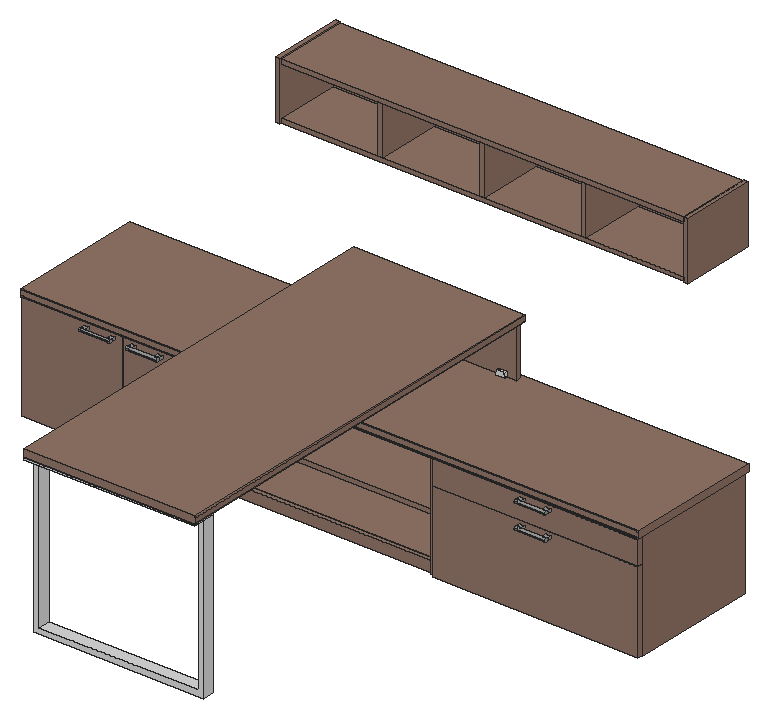
Revit family "JSI-Vision-Typical_Veneer-VSV120", category Furniture, Revit 2020 (continued)
Definition of nested family "JSI-Vision-Metal_Rectangular_Base"
  Reference planes (in)
    plane 2: z = 0
    plane 3 "Center Left/Right": x = 0
    plane 4: z = 0
    plane 5: z = 28.3125
    plane 6: x = -3
    plane 7: x = -1
    plane 8: y = -29.8125
    plane 9: x = 1
    plane 10: z = 28.0625
    plane 11: y = -2
    plane 12: y = -27.8125
  Forms (in)
    Sweep 1, solid, material <- "Base Finish"
      path origin (0, 0, 0) x (0, 1, 0) y (0, 0, 1)
        loop
          line (-29.8125, 28.0625) -> (-29.8125, 0.25) -> (0, 0.25) -> (0, 28.0625)
      profile origin (0, -29.8125, 14.15625) x (1, 0, 0) y (0, 1, 0)
        loop
          line (-1, 1) -> (-1, 0) -> (1, 0) -> (1, 1) -> (-1, 1)
    Extrusion 2, solid, material <- "Base Finish"
      sketch origin (0, 0, 0) x (1, 0, 0) y (0, 1, 0)
        loop
          line (-3, 0) -> (-3, -29.8125) -> (1, -29.8125) -> (1, 0) -> (-3, 0)
      from 28.3125 to 28.0625
    Revolve 3, solid, material <- "Glide Finish"
      sketch origin (0, 0, 0) x (0, 1, 0) y (0, 0, 1)
        loop
          line (-2, 0.75) -> (-2, 0) -> (-1.76145, 0)
          arc (-1.76145, 0) -> (-1.7185, 0.01649) -> (-1.69761, 0.05748) r 0.06418
          line (-1.69761, 0.05748) -> (-1.67738, 0.25) -> (-1.90202, 0.25) -> (-1.90202, 0.75) -> (-2, 0.75)
        axis (-2, 0.75) -> (-2, 0)
      angle from 0 to 360
    Revolve 4, solid, material <- "Glide Finish"
      sketch origin (0, 0, 0) x (0, 1, 0) y (0, 0, 1)
        loop
          line (-27.8125, 0.75) -> (-27.8125, 0) -> (-27.57395, 0)
          arc (-27.57395, 0) -> (-27.531, 0.01649) -> (-27.51011, 0.05748) r 0.06418
          line (-27.51011, 0.05748) -> (-27.48988, 0.25) -> (-27.71452, 0.25) -> (-27.71452, 0.75) -> (-27.8125, 0.75)
        axis (-27.8125, 0.75) -> (-27.8125, 0)
      angle from 0 to 360
  Lines and regions (in)
    symbolic lines
      curve 1: line (-3, 0, 0) -> (-3, -29.8125, 0)
      curve 2: line (-3, -29.8125, 0) -> (1, -29.8125, 0)
      curve 3: line (1, -29.8125, 0) -> (1, 0, 0)
      curve 4: line (1, 0, 0) -> (-3, 0, 0)
      curve 5: line (-1, 0, 0) -> (-1, -29.8125, 0)
  Dimensions and locks (in)
    equal spacing: plane 7, plane 3 "Center Left/Right", plane 9, locked at 1 each
    "Width": plane 1 "Center Front/Back" to plane 8
    "Height": plane 5 to plane 4
    locked: plane 10 to plane 5 at 0.25
    locked: Sweep 1 sketch curve to plane 4 at 0.25
    locked: plane 8 to Sweep 1 sketch curve at 1
    locked: plane 1 "Center Front/Back" to plane 11 at 2
    locked: plane 12 to plane 8 at 2
    Revolve 3 sketch curve to Revolve 3 sketch curve to Revolve 3 sketch curve to plane 4 = 1/2" locked, 0.18582" locked, 0.06418" locked
    plane 11 to Revolve 3 sketch curve to Revolve 3 sketch curve to Revolve 3 sketch curve = 0.09798" locked, 0.14057" locked, 0.08407" locked
    Revolve 4 sketch curve to Revolve 4 sketch curve to Revolve 4 sketch curve = 1/2" locked, 0.18582" locked
    Revolve 4 sketch curve to Revolve 4 sketch curve to Revolve 4 sketch curve to Revolve 4 sketch curve = 0.09798" locked, 0.14057" locked, 0.08407" locked
    "Depth": plane 7 to plane 9
    locked: plane 6 to plane 7 at 2
    aligned and locked: level to plane 2
    aligned and locked: plane 10 to Sweep 1 sketch curve  (x2)
    aligned and locked: plane 9 to Sweep 1 sketch curve
    aligned and locked: plane 8 to Sweep 1 sketch curve
    aligned and locked: Extrusion 2 sketch curve to plane 1 "Center Front/Back"
    aligned and locked: Extrusion 2 sketch curve to plane 8
    aligned and locked: Extrusion 2 sketch curve to plane 9
    aligned and locked: Revolve 3 sketch curve to plane 11
    aligned and locked: plane 11 to Revolve 3 sketch curve
    aligned and locked: plane 12 to Revolve 4 sketch curve  (x2)
    aligned and locked: plane 3 "Center Left/Right" to Revolve 3
    aligned and locked: plane 3 "Center Left/Right" to Revolve 4
    aligned and locked: Sweep 1 sketch curve to plane 7
    aligned and locked: plane 6 to Extrusion 2
    aligned and locked: Extrusion 2 to plane 9
    aligned and locked: curve 1 to Extrusion 2
    aligned and locked: curve 2 to Extrusion 2
    aligned and locked: curve 3 to Extrusion 2
    aligned and locked: curve 4 to Extrusion 2
    aligned and locked: curve 5 to Sweep 1
  Automatic sketch dimensions
    Sweep 1 sketch curve to plane 8 = 0"
    Sweep 1 sketch curve to plane 1 "Center Front/Back" = 0"
    Extrusion 2 sketch curve to plane 8 = 0"
    Revolve 3 sketch curve to level = 0"
    level to Revolve 3 sketch curve = 0.05748"
    Revolve 3 sketch curve to level = 0.22225"
    Revolve 3 sketch curve to Revolve 3 sketch curve = 0.09538"
    Revolve 4 sketch curve to level = 0"
    level to Revolve 4 sketch curve = 0.05748"
    Revolve 4 sketch curve to Revolve 4 sketch curve = 0.06383"
    Revolve 4 sketch curve to level = 0.22225"
    Revolve 4 sketch curve to Revolve 4 sketch curve = 0.09538"
    plane 7 to Extrusion 2 sketch curve = 2"
Definition of nested family "JSI-Vision-Support_Rail_Work_Surface"
  Parameters (values of type "GP0243SB, Metal Support Rail for Work Surface  2W 43 L 3/4H")
    Width = 43"
    URL = "www.jsifurniture.com"
    Type Comments = ""
    Series = "Vision Casegoods"  # constant formula
    Support Finish = none
    Model = "GP0243SB"
    Material = ""
    Manufacturer = "JSI"  # constant formula
    Keynote = "12500"  # constant formula
    JSI Enviromental Website = "http://www.jsifurniture.com/jsi_sustainability_intro.php"
    Height = 25/32"
    Description = "Metal Support Rail for Work Surface  2W 43 L 3/4H"
    Depth = 2"
    Default Elevation = 0"
    Assembly Code = "E2020200"
  Types (3): name | Width | Model | Description
    GP0243SB, Metal Support Rail for Work Surface  2W 43 L 3/4H | 43" | "GP0243SB" | "Metal Support Rail for Work Surface  2W 43 L 3/4H"
    GP0249SB, Metal Support Rail for Work Surface  2W49 L 3/4H | 49" | "GP0249SB" | "Metal Support Rail for Work Surface  2W49 L 3/4H"
    GP0255SB, Metal Support Rail for Work Surface  2W 55 L 3/4H | 55" | "GP0255SB" | "Metal Support Rail for Work Surface  2W 55 L 3/4H"
  Reference planes (in)
    plane 1 "Center Front/Back": y = 0
    plane 2: z = 0
    plane 3 "Center Left/Right": x = 0
    plane 4: z = 0
    plane 5: z = 27.81222
    plane 6: x = 43
    plane 7: y = -2
  Forms (in)
    Extrusion 1, solid, material <- "Support Finish"
      sketch origin (0, 0, 0) x (0, 1, 0) y (0, 0, 1)
        loop
          line (0, 27.74972) -> (0, 27.81222) -> (-0.53345, 27.81222) -> (-1, 27.11239) -> (-1.46655, 27.81222) -> (-2, 27.81222) -> (-2, 27.74972) -> (-1.5, 27.74972) -> (-1.04048, 27.06043)
          arc (-1.04048, 27.06043) -> (-1, 27.03877) -> (-0.95952, 27.06043) r 0.04865
          line (-0.95952, 27.06043) -> (-0.5, 27.74972) -> (0, 27.74972)
      from 0 to 43
  Lines and regions (in)
    symbolic lines
      curve 1: line (0, 0, 0) -> (43, 0, 0)
      curve 2: line (0, -2, 0) -> (0, 0, 0)
      curve 3: line (43, -2, 0) -> (0, -2, 0)
      curve 4: line (43, 0, 0) -> (43, -2, 0)
      curve 5: line (0, -1.46655, 0) -> (43, -1.46655, 0)
      curve 6: line (43, -0.53345, 0) -> (0, -0.53345, 0)
      curve 7: line (0, -1, 0) -> (43, -1, 0)
  Dimensions and locks (in)
    "Width": plane 3 "Center Left/Right" to plane 6
    "Depth": plane 1 "Center Front/Back" to plane 7
    aligned and locked: level to plane 2
    aligned and locked: plane 4 to plane 2
    aligned and locked: Extrusion 1 to plane 3 "Center Left/Right"
    aligned and locked: plane 6 to Extrusion 1
    aligned and locked: plane 3 "Center Left/Right" to curve 2
    aligned and locked: curve 4 to plane 6
    aligned and locked: plane 1 "Center Front/Back" to curve 1
    aligned and locked: plane 7 to curve 3
    aligned and locked: curve 5 to Extrusion 1
    aligned and locked: curve 6 to Extrusion 1
    aligned and locked: curve 7 to Extrusion 1
  Automatic sketch dimensions
    Extrusion 1 sketch curve to plane 7 = 0"
    Extrusion 1 sketch curve to plane 5 = 0"  (x2)
    Extrusion 1 sketch curve to plane 1 "Center Front/Back" = 0"
    Extrusion 1 sketch curve to plane 5 = 1/16"  (x2)
    Extrusion 1 sketch curve to Extrusion 1 sketch curve = 1/2"
    Extrusion 1 sketch curve to Extrusion 1 sketch curve = 0.03345"  (x2)
    Extrusion 1 sketch curve to Extrusion 1 sketch curve = 0.45952"
    Extrusion 1 sketch curve to Extrusion 1 sketch curve = 0.04048"  (x2)
    Extrusion 1 sketch curve to Extrusion 1 sketch curve = 0"
    Extrusion 1 sketch curve to Extrusion 1 sketch curve = 0.53345"
    Extrusion 1 sketch curve to plane 5 = 0.69983"
    Extrusion 1 sketch curve to Extrusion 1 sketch curve = 0.02498"
    Extrusion 1 sketch curve to Extrusion 1 sketch curve = 0.02698"
